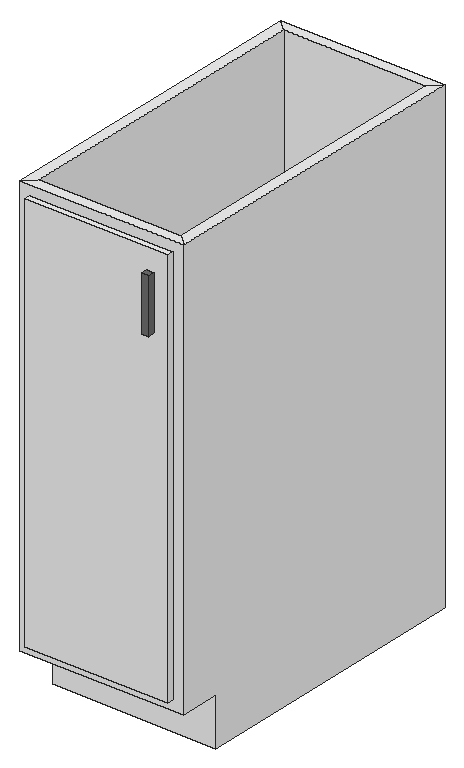
Revit family "d6a2f04f8a6446fd9b32623a186f1b84", category Casework, Revit 2021
Family settings
  OmniClass Number = 23.40.35.17.47.11
  OmniClass Title = Kitchen Casework
  Seek Item ID = Base Cabinet-Single Door w Sliding Drawers-0000-USA-ENU
  Work Plane-Based = No
  Always vertical = Yes
  Cut with Voids When Loaded = No
  Shared = No
  Room Calculation Point = No
Parameters (values of type "12"")
  Default Elevation = 0' - 0"
  Assembly Code = "C1030410"
  Cabinet Material = none
  Depth = 2' - 0"
  Door/Drawer Material = none
  Handle Material = Cabinets - Handles
  Height = 2' - 10 1/2"
  Toe Depth = 0' - 3"
  Toe Height = 0' - 3 1/2"
  Width = 1' - 0"
Types (3): name | Width
  (no name) | 1' - 0"
  12" | 1' - 0"
  9" | 0' - 9"
Reference planes (in)
  plane 1 "Back": y = 0
  plane 2: z = 0
  plane 3 "Center": x = 0.7377
  plane 4 "Left": x = -5.2623
  plane 5 "Right": x = 6.7377
  plane 6 "Front": y = -24
  plane 7 "Top": z = 34.5
  plane 8: y = -21
  plane 9: z = 3.5
  plane 10: z = 33.75
  plane 11: z = 4.25
  plane 12: x = -4.5123
  plane 13: x = 5.9877
  plane 14: z = 32.25
  plane 15: z = 28.25
  plane 16: x = 4.9877
  plane 17: x = 4.4877
Forms (in)
  Extrusion 1, solid, material <- "Cabinet Material"
    sketch origin (0, 0, 0) x (1, 0, 0) y (0, 1, 0)
      loop
        line (-5.2623, 0) -> (-5.2623, -21) -> (6.7377, -21) -> (6.7377, 0) -> (-5.2623, 0)
    from 0 to 3.5
  Sweep 2, solid, material <- "Cabinet Material"
    path origin (0, 0, 0) x (1, 0, 0) y (0, 1, 0)
      loop
        line (6.7377, 0) -> (-5.2623, 0) -> (-5.2623, -24) -> (6.7377, -24) -> (6.7377, 0)
    profile origin (0, -12, 0) x (1, 0, 0) y (0, 0, 1)
      loop
        line (6.7377, 3.5) -> (6.7377, 34.5) -> (5.9877, 34.5) -> (5.9877, 3.5) -> (6.7377, 3.5)
  Extrusion 3, solid, material <- "Cabinet Material"
    sketch origin (0, 0, 0) x (1, 0, 0) y (0, 1, 0)
      loop
        line (-4.5123, -0.75) -> (-4.5123, -23.25) -> (5.9877, -23.25) -> (5.9877, -0.75) -> (-4.5123, -0.75)
    from 4.25 to 3.5
  Extrusion 4, solid, material <- "Door/Drawer Material"
    sketch origin (0, -24, 0) x (1, 0, 0) y (0, 0, 1)
      loop
        line (-4.5123, 33.75) -> (-4.5123, 4.25) -> (5.9877, 4.25) -> (5.9877, 33.75) -> (-4.5123, 33.75)
    from 0 to 0.5
  Extrusion 5, solid, material "Cabinets - Handles" <- "Handle Material"
    sketch origin (0, -24, 0) x (1, 0, 0) y (0, 0, 1)
      loop
        line (4.4877, 32.25) -> (4.4877, 28.25) -> (4.9877, 28.25) -> (4.9877, 32.25) -> (4.4877, 32.25)
    from 0.5 to 1
Cuts and joins
  joined: Extrusion 1, Sweep 2
Lines and regions (in)
  Masking region 1
    outline origin (0, 0, 0) x (1, 0, 0) y (0, 1, 0)
      loop
        line (-5.2623, 0) -> (-5.2623, -24) -> (6.7377, -24) -> (6.7377, 0) -> (-5.2623, 0)
  model lines
    curve 1: line (-4.5123, -24, 33.75) -> (5.9877, -24, 33.75)
    curve 2: line (5.9877, -24, 4.25) -> (-4.5123, -24, 4.25)
    curve 3: line (5.9877, -24, 33.75) -> (5.9877, -24, 4.25)
    curve 4: line (-4.5123, -24, 4.25) -> (-4.5123, -24, 33.75)
    curve 5: line (4.4877, -24, 32.25) -> (4.9877, -24, 32.25)
    curve 6: line (4.4877, -24, 28.25) -> (4.4877, -24, 32.25)
    curve 7: line (4.9877, -24, 28.25) -> (4.4877, -24, 28.25)
    curve 8: line (4.9877, -24, 32.25) -> (4.9877, -24, 28.25)
Dimensions and locks (in)
  "Depth": plane 6 "Front" to plane 1 "Back"
  "Width": plane 4 "Left" to plane 5 "Right"
  equal spacing: plane 4 "Left", plane 3 "Center", plane 5 "Right"
  "Height": level to plane 7 "Top"
  "Toe Height": plane 2 to plane 9
  "Toe Depth": plane 6 "Front" to plane 8
  locked: plane 4 "Left" to plane 12 at 0.75
  locked: plane 13 to plane 5 "Right" at 0.75
  locked: plane 7 "Top" to plane 10 at 0.75
  locked: plane 11 to plane 9 at 0.75
  locked: plane 14 to plane 15 at 4
  plane 17 to plane 16 to plane 13 = 0' - 0 1/2" locked, 0' - 1" locked
  plane 10 to plane 14 = 0' - 1 1/2"
  aligned and locked: plane 1 "Back" to Extrusion 1 sketch curve
  aligned and locked: Extrusion 1 sketch curve to plane 5 "Right"
  aligned and locked: Extrusion 1 sketch curve to plane 8
  aligned and locked: plane 4 "Left" to Extrusion 1 sketch curve
  aligned and locked: Extrusion 1 to level
  aligned and locked: Sweep 2 sketch curve to plane 6 "Front"
  aligned and locked: plane 1 "Back" to Sweep 2 sketch curve
  aligned and locked: Sweep 2 sketch curve to plane 5 "Right"  (x2)
  aligned and locked: plane 4 "Left" to Sweep 2 sketch curve
  aligned and locked: plane 7 "Top" to Sweep 2 sketch curve
  aligned and locked: Sweep 2 sketch curve to plane 9
  aligned and locked: Sweep 2 to Extrusion 3 sketch curve  (x2)
  aligned and locked: Extrusion 3 sketch curve to Sweep 2  (x2)
  aligned and locked: Extrusion 3 to plane 11
  aligned and locked: plane 9 to Extrusion 3
  aligned and locked: Extrusion 1 to plane 9
  aligned and locked: plane 1 "Back" to Masking region 1 sketch curve
  aligned and locked: Masking region 1 sketch curve to plane 6 "Front"
  aligned and locked: Masking region 1 sketch curve to plane 5 "Right"
  aligned and locked: plane 4 "Left" to Masking region 1 sketch curve
Automatic sketch dimensions
  profile plane to Sweep 2 sketch curve = 0' - 0 3/4"
  curve 1 to plane 10 = 0' - 0"
  curve 1 to plane 13 = 0' - 0"
  curve 8 to plane 15 = 0' - 0"
  curve 8 to plane 16 = 0' - 0"
  curve 6 to plane 17 = 0' - 0"
  curve 4 to plane 12 = 0' - 0"
  curve 6 to plane 14 = 0' - 0"
  curve 2 to plane 11 = 0' - 0"
  Extrusion 4 sketch curve to plane 11 = 0' - 0"
  Extrusion 4 sketch curve to plane 12 = 0' - 0"
  Extrusion 4 sketch curve to plane 13 = 0' - 0"
  Extrusion 4 sketch curve to plane 10 = 0' - 0"
  Extrusion 5 sketch curve to plane 15 = 0' - 0"
  Extrusion 5 sketch curve to plane 17 = 0' - 0"
  Extrusion 5 sketch curve to plane 16 = 0' - 0"
  Extrusion 5 sketch curve to plane 14 = 0' - 0"
